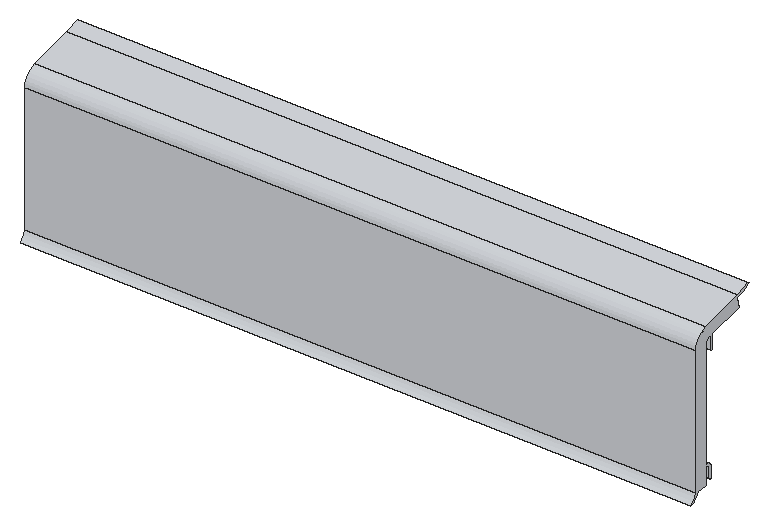
Revit family "HansWeitzel_52690", category Allgemeines Modell, Revit 2017
Family settings
  Kann Basisbauteil für Bewehrung sein = Nein
  Bemaßung runder Anschluss = Durchmesser verwenden
  Teiletyp = Normal
  Arbeitsebenenbasiert = Nein
  Immer vertikal = Ja
  Beim Laden mit Abzugskörper schneiden = Nein
  Gemeinsam genutzt = Nein
  Raumberechnungspunkt = Nein
Parameters
  max. Betriebstemperatur (°C) = 90
  Werkstoff = "PVC"
  Typname = "HZ-Sockelleiste SLF Plus Grau, 2m"
  Tiefe (mm) = 39
  Selbstverlöschend = yes
  Profilform = "Hohlprofil"
  Profilart = "Sockelprofil"
  Menge pro Verpackungseinheit = 10
  Length3 = 400 mm
  Ist Zubehör = no
  Ist System = no
  Höhe [mm] = 95
  Hersteller = "Hans Weitzel GmbH & Co. KG"
  HeinzeBIM = "https://www.heinze.de/bim/hz-sockelleiste-slf-plus-grau-2m/16a8d4504211b6b73df1e9aadcd227ae7829a05d"
  HAN = "52690"
  Gewicht unverpackt (netto) [kg] = 0.825
  GTIN = "4022023112610"
  Farbton = "grau"
  Dekor = "Plus Grau"
  Breite [mm] = 2000
  Brandklasse B2 = yes
  Beschreibung = "HZ-Sockelleiste SLF Plus Grau, 2m mit zusätzl. Dichtlippe zum Boden"
  BIMSITE_PRODUCT_ID = "16a8d4504211b6b73df1e9aadcd227ae7829a05d"
  BIM = "https://media.live.bim.site/t/eyJhbGciOiJIUzI1NiIsInR5cCI6IkpXVCJ9.eyJjdCI6MSwidGYiOiJwdWJsaWMvaGFucy13ZWl0emVsLWdtYmgtY28ta2cvMjI1MGEyZS9IWl9TTEZfUGx1c19Qcm9maWwucmZhIiwiY2lkIjoiZmVkOThlOWEtMWJkOC00YzY4LWE3M2ItNzRhOTRlMzE1ODIzIiwicmlkIjoiZGNiNjJiMThjYTQ4OWU0Nzg0OWY5ZjAxZTEzZTZjMDAiLCJwaWQiOiIxNmE4ZDQ1MDQyMTFiNmI3M2RmMWU5YWFkY2QyMjdhZTc4MjlhMDVkIiwic2lkIjoiNjM1NTgiLCJ1dCI6NSwibGMiOiJkZSIsImlhdCI6MTU4MDIxNDU4NiwiaXNzIjoiaHR0cHM6Ly9hcGkubGl2ZS5iaW0uc2l0ZSIsInN1YiI6ImY1ODZjNGI2LWE1MDgtNDI3YS05ODE4LTEzMTc5NjY1NzZiYyJ9.ecHeC9HXkVbFWRlOWO-1miRWYMCBPn3xQs7cDgyJoQU/HZ_SLF_Plus_Profil.rfa"
Reference planes
  plane 1 "Center (Front/Back)": y = 0
  plane 2: z = 0
  plane 3 "Center (Left/Right)": x = 0
Forms (mm)
  Extrusion 1, solid, detail levels fine
    sketch origin (0, 0, 0) x (0, 1, 0) y (0, 0, 1)
      loop
        line (-31.5, 0.791) -> (-31.5, 11) -> (-29.75, 11)
        arc (-29.75, 11) -> (-29.043, 10.707) -> (-28.75, 10) r 1
        line (-28.75, 10) -> (-28.75, 4) -> (-27.75, 3) -> (-27.75, 10)
        arc (-27.75, 10) -> (-28.336, 11.414) -> (-29.75, 12) r 2
        line (-29.75, 12) -> (-31.5, 12) -> (-31.5, 76.545)
        arc (-31.5, 76.545) -> (-30.751, 77.994) -> (-29.355, 78.837) r 3
        line (-29.355, 78.837) -> (-27.5, 79.347) -> (-27.5, 71.5) -> (-26.5, 71.5) -> (-26.5, 79.621) -> (-6.471, 85.123) -> (-8.262, 90.853) -> (-6.8, 91.255)
        arc (-6.8, 91.255) -> (-2.957, 92.708) -> (0.452, 95) r 17.898
        arc (0.452, 95) -> (-3.246, 93.447) -> (-7.065, 92.219) r 46.507
        line (-7.065, 92.219) -> (-31.209, 85.587)
        arc (-31.209, 85.587) -> (-36.496, 82.03) -> (-38.561, 76.002) r 10
        line (-38.561, 76.002) -> (-38.561, 0)
        arc (-38.561, 0) -> (-39.976, -2.72) -> (-42.026, -5) r 12.178
        arc (-42.026, -5) -> (-39.19, -2.877) -> (-37.242, 0.082) r 10.289
        line (-37.242, 0.082) -> (-31.5, 0.791)
    from -200 to 200
  Extrusion 2, solid, detail levels medium
    sketch origin (0, 0, 0) x (0, 1, 0) y (0, 0, 1)
      loop
        line (-7.065, 92.219) -> (-31.209, 85.587)
        arc (-31.209, 85.587) -> (-36.496, 82.03) -> (-38.561, 76.002) r 10
        line (-38.561, 76.002) -> (-38.561, 0)
        arc (-38.561, 0) -> (-39.976, -2.72) -> (-42.026, -5) r 12.178
        line (-42.026, -5) -> (-31.5, 0.791) -> (-31.5, 11) -> (-28.75, 11) -> (-28.75, 3) -> (-27.75, 3) -> (-27.75, 12) -> (-31.5, 12) -> (-31.5, 76.545)
        arc (-31.5, 76.545) -> (-30.751, 77.994) -> (-29.355, 78.837) r 3
        line (-29.355, 78.837) -> (-27.5, 79.347) -> (-27.5, 71.5) -> (-26.5, 71.5) -> (-26.5, 79.621) -> (-6.471, 85.123) -> (0.452, 95)
        arc (0.452, 95) -> (-3.246, 93.447) -> (-7.065, 92.219) r 46.507
    from -200 to 200
  Extrusion 3, solid, detail levels coarse
    sketch origin (0, 0, 0) x (0, 1, 0) y (0, 0, 1)
      loop
        line (-42.026, -5) -> (0.452, -5) -> (0.452, 95) -> (-42.026, 95) -> (-42.026, -5)
    from -200 to 200
Dimensions and locks
  equal spacing: Extrusion 3, plane 3 "Center (Left/Right)", Extrusion 3
  "Length3": Extrusion 3 to Extrusion 3
  aligned and locked: level to plane 2
  aligned and locked: Extrusion 1 to Extrusion 3
  aligned and locked: Extrusion 2 to Extrusion 3
  aligned and locked: Extrusion 3 to Extrusion 1
  aligned and locked: Extrusion 3 to Extrusion 2
Automatic sketch dimensions
  plane 1 "Center (Front/Back)" to Extrusion 3 sketch curve = 42.026 mm
  Extrusion 3 sketch curve to plane 1 "Center (Front/Back)" = 0.452 mm
  Extrusion 3 sketch curve to level = 5 mm
  level to Extrusion 3 sketch curve = 95 mm
  Extrusion 2 sketch curve to Extrusion 2 sketch curve = 0 mm  (x3)
  plane 1 "Center (Front/Back)" to Extrusion 2 sketch curve = 38.561 mm
  level to Extrusion 2 sketch curve = 0.791 mm
  Extrusion 2 sketch curve to Extrusion 2 sketch curve = 7.061 mm
  Extrusion 2 sketch curve to Extrusion 2 sketch curve = 0.291 mm
  Extrusion 2 sketch curve to Extrusion 2 sketch curve = 2.145 mm
  Extrusion 2 sketch curve to Extrusion 2 sketch curve = 2.75 mm
  Extrusion 2 sketch curve to Extrusion 2 sketch curve = 2.939 mm
  Extrusion 2 sketch curve to Extrusion 2 sketch curve = 1 mm  (x3)
  Extrusion 2 sketch curve to Extrusion 2 sketch curve = 1.855 mm
  plane 1 "Center (Front/Back)" to Extrusion 2 sketch curve = 19.383 mm
  plane 1 "Center (Front/Back)" to Extrusion 2 sketch curve = 7.065 mm
  plane 1 "Center (Front/Back)" to Extrusion 2 sketch curve = 6.471 mm
  Extrusion 2 sketch curve to plane 1 "Center (Front/Back)" = 0.452 mm
  level to Extrusion 2 sketch curve = 3 mm
  Extrusion 2 sketch curve to Extrusion 2 sketch curve = 8 mm
  Extrusion 2 sketch curve to Extrusion 2 sketch curve = 7.337 mm
  Extrusion 2 sketch curve to Extrusion 2 sketch curve = 2.893 mm
  Extrusion 2 sketch curve to Extrusion 2 sketch curve = 0.51 mm
  Extrusion 2 sketch curve to Extrusion 2 sketch curve = 0.275 mm
  Extrusion 2 sketch curve to Extrusion 2 sketch curve = 7.096 mm
  Extrusion 2 sketch curve to level = 0 mm
  Extrusion 2 sketch curve to Extrusion 2 sketch curve = 3.466 mm
  level to Extrusion 2 sketch curve = 4.218 mm
  Extrusion 1 sketch curve to Extrusion 1 sketch curve = 0 mm  (x5)
  Extrusion 1 sketch curve to level = 0 mm
  level to Extrusion 1 sketch curve = 4.218 mm
  Extrusion 1 sketch curve to Extrusion 1 sketch curve = 3.303 mm
  plane 1 "Center (Front/Back)" to Extrusion 1 sketch curve = 38.561 mm
  level to Extrusion 1 sketch curve = 0.791 mm
  Extrusion 1 sketch curve to Extrusion 1 sketch curve = 7.061 mm
  Extrusion 1 sketch curve to Extrusion 1 sketch curve = 0.291 mm
  Extrusion 1 sketch curve to Extrusion 1 sketch curve = 1.75 mm
  Extrusion 1 sketch curve to Extrusion 1 sketch curve = 2.145 mm
  Extrusion 1 sketch curve to Extrusion 1 sketch curve = 1 mm  (x4)
  Extrusion 1 sketch curve to Extrusion 1 sketch curve = 2.939 mm
  Extrusion 1 sketch curve to Extrusion 1 sketch curve = 1.855 mm
  plane 1 "Center (Front/Back)" to Extrusion 1 sketch curve = 19.383 mm
  plane 1 "Center (Front/Back)" to Extrusion 1 sketch curve = 11.17 mm
  plane 1 "Center (Front/Back)" to Extrusion 1 sketch curve = 8.262 mm
  Extrusion 1 sketch curve to Extrusion 1 sketch curve = 1.197 mm
  Extrusion 1 sketch curve to Extrusion 1 sketch curve = 0.265 mm
  Extrusion 1 sketch curve to Extrusion 1 sketch curve = 1.791 mm
  level to Extrusion 1 sketch curve = 3 mm
  Extrusion 1 sketch curve to Extrusion 1 sketch curve = 0.042 mm
  Extrusion 1 sketch curve to Extrusion 1 sketch curve = 6 mm
  Extrusion 1 sketch curve to Extrusion 1 sketch curve = 4.444 mm
  Extrusion 1 sketch curve to Extrusion 1 sketch curve = 0.51 mm
  Extrusion 1 sketch curve to Extrusion 1 sketch curve = 0.275 mm
  Extrusion 1 sketch curve to Extrusion 1 sketch curve = 6.132 mm
  Extrusion 1 sketch curve to Extrusion 1 sketch curve = 0.402 mm
  level to Extrusion 1 sketch curve = 0.082 mm
  Extrusion 1 sketch curve to Extrusion 1 sketch curve = 1.318 mm
  Extrusion 1 sketch curve to Extrusion 1 sketch curve = 59.5 mm
  Extrusion 1 sketch curve to Extrusion 1 sketch curve = 0.058 mm
  Extrusion 1 sketch curve to Extrusion 1 sketch curve = 0.601 mm
  Extrusion 1 sketch curve to Extrusion 1 sketch curve = 5.501 mm
  Extrusion 1 sketch curve to Extrusion 1 sketch curve = 0.964 mm
  Extrusion 1 sketch curve to Extrusion 1 sketch curve = 16.392 mm
  Extrusion 1 sketch curve to Extrusion 1 sketch curve = 28.454 mm
  Extrusion 2 sketch curve to Extrusion 2 sketch curve = 59.5 mm
  Extrusion 2 sketch curve to Extrusion 2 sketch curve = 0.543 mm
  Extrusion 2 sketch curve to Extrusion 2 sketch curve = 5.501 mm
  Extrusion 2 sketch curve to Extrusion 2 sketch curve = 2.781 mm
  Extrusion 1 sketch curve to Extrusion 1 sketch curve = 8.122 mm
  Extrusion 2 sketch curve to Extrusion 2 sketch curve = 11.424 mm
